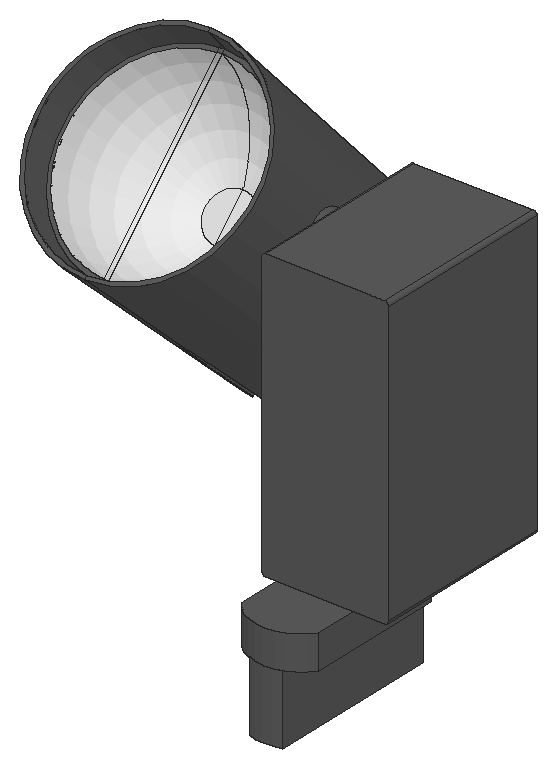
Revit family "0004837 Feilo Sylvania Lighting Fixture START TRACK SPOT S 14W 3K RA80 WB BLACK", category Lighting Fixtures, host Face, Revit 2017 (continued)
Definition of nested family "Start Track Spot Head"
  Types (96, lengths in mm): name | Wattage | built-in parameter 1150134 | Photometric Web File | Model | built-in parameter 1150105 | Lumens | built-in parameter 1150107 | built-in parameter 1150106 | HeadThickness_FEILO | HeadRibOffset_FEILO | HeadRibDepth_FEILO | HeadRibCutWidth_FEILO | HeadRibCutOffset_FEILO | HeadReflectorRadius_FEILO | HeadReflectorOffset_FEILO | HeadLEDRadius_FEILO | HeadHeight_FEILO | HeadDiffusorOffset_FEILO | HeadDiaOut_FEILO | HeadDiaIn_FEILO | HeadAxisFromTop_FEILO | Emit from Circle Diameter | built-in parameter 1150104 | Description | Apparent Load
    0004812 START TRACK SPOT S 14W 3K RA80 MB WHITE | 14 W | (empty or 0) | "0004812.ies" | "START TRACK SPOT S 14W 3K RA80 MB WHITE" | 120.32 (stored number, unit not read) | 1512 lm | 3000 (stored number, unit not read) | 1.2032 (stored number, unit not read) | 1.5 | 4.179 | 55.714 | 7.167 | 50.87 | 50.588 | 55.714 | 9.556 | 117 | 9.435 | 86 | 77.477 | 69.354 | 77.477 | 10.034 (stored number, unit not read) | "Integrated LED spotlight, Textured White - RAL9016, compact and minimalist design, ideal for retail applications, die-cast aluminium body, passive cooling heatsink. Beam angle: 36°, color temperature: 3000K , total system power: 14W, total fixture output: 1508 lm, LOR: 100%, colour rendering: Ra: 80 typical, LED Chromaticity: 3 step MacAdam ellipse, lifetime: >50000 hours at L70B50, energy class: A++, A+, A, IR/UV free light source without heat radiation, operating voltage: 220-240V / 50-60Hz, drive current: 350mA, electronic driver, non-dimmable, power factor: 0.92, electrical protection: Class II, Global Track 3 Phase adapter suitable for Global trac 3-circuit tracks, ingress protection rating: IP20, suitable for internal environment only, horizontal rotation: 355°, vertical tilt: 90°, dimensions: Ø86x140x200, weight: 0.940kg." | 14 VA
    0004811 START TRACK SPOT S 14W 3K RA80 NB WHITE | 14 W | (empty or 0) | "0004811.ies" | "START TRACK SPOT S 14W 3K RA80 NB WHITE" | 123.66 (stored number, unit not read) | 1554 lm | 3000 (stored number, unit not read) | 1.2366 (stored number, unit not read) | 1.5 | 4.179 | 55.714 | 7.167 | 50.87 | 50.588 | 55.714 | 9.556 | 117 | 9.435 | 86 | 77.477 | 69.354 | 77.477 | 10.312 (stored number, unit not read) | "Integrated LED spotlight, Textured White - RAL9016, compact and minimalist design, ideal for retail applications, die-cast aluminium body, passive cooling heatsink. Beam angle: 12°, color temperature: 3000K , total system power: 14W, total fixture output: 1551 lm, LOR: 100%, colour rendering: Ra: 80 typical, LED Chromaticity: 3 step MacAdam ellipse, lifetime: >50000 hours at L70B50, energy class: A++, A+, A, IR/UV free light source without heat radiation, operating voltage: 220-240V / 50-60Hz, drive current: 350mA, electronic driver, non-dimmable, power factor: 0.92, electrical protection: Class II, Global Track 3 Phase adapter suitable for Global trac 3-circuit tracks, ingress protection rating: IP20, suitable for internal environment only, horizontal rotation: 355°, vertical tilt: 90°, dimensions: Ø86x140x200, weight: 0.940kg." | 14 VA
  Reference planes
    plane 1 "Center (Front/Back)": y = 0
    plane 2: z = 0
    plane 3 "Center (Left/Right)": x = 0
    plane 4: x = 43
    plane 5: x = -43
    plane 6: x = -38.739
    plane 7: x = 38.739
    plane 8: z = 69.354
    plane 9: z = -47.646
    plane 10: x = -41.5
    plane 11: x = -37.239
    plane 12: z = -38.211
    plane 13: z = -35.211
    plane 14: z = 8.068
    plane 15: x = -9.556
    plane 16: x = -28.667
    plane 17: x = -19.111
    plane 18: x = -27.167
    plane 19: x = -17.611
    plane 20: x = -8.056
    plane 21: z = 13.64
    plane 22: x = -29.667
    plane 23: x = -26.167
    plane 24: x = -20.111
    plane 25: x = -16.611
    plane 26: x = -10.556
    plane 27: x = -7.056
    plane 28: x = -36.239
    plane 29: x = -40.5
    plane 30: z = 65.175
    plane 31: z = 60.997
    plane 32: z = 56.818
    plane 33: z = 18.484
    plane 34: y = -43
    plane 35: y = 43
    plane 36: y = 3.583
    plane 37: y = -3.583
    plane 38: y = -2.583
    plane 39: y = 2.583
    plane 40: y = 46
    plane 41: z = 13.5
    plane 42: z = -13.5
    plane 43: y = 39
    plane 44: x = 4.708
    plane 45: x = -2.458
    plane 46: x = -1.458
    plane 47: x = 1.458
  Forms (mm)
    Extrusion 1, solid
      sketch origin (4.2, 0, 0) x (1, 0, 0) y (0, 1, 0)
        loop
          line (-1219.2, 1219.2) -> (-1219.2, -1219.2) -> (1219.2, -1219.2) -> (1219.2, 1219.2) -> (-1219.2, 1219.2)
      from 0 to -68.017
    Revolve 2, solid, material <- "Material_1_FEILO", detail levels medium+fine
      sketch origin (0, 0, 0) x (1, 0, 0) y (0, 0, 1)
        loop
          line (-43, -47.646) -> (-41.5, -47.646) -> (-40.5, -35.211) -> (-38.739, -35.211)
          arc (-38.739, -35.211) -> (-30.16, -9.517) -> (-9.556, 8.068) r 50.588
          line (-9.556, 8.068) -> (0, 8.068) -> (0, 13.64) -> (-16.611, 13.64) -> (-17.611, 60.997) -> (-19.111, 60.997) -> (-20.111, 13.64) -> (-36.239, 13.64) -> (-37.239, 69.354) -> (-38.739, 69.354) -> (-43, -47.646)
        axis (0, 69.354) -> (0, -47.646)
      angle from 360 to 0
    Extrusion 3, void
      sketch origin (0, 0, 0) x (0, 1, 0) y (0, 0, 1)
        loop
          line (-3.583, 69.354) -> (-2.583, 18.484) -> (1.932, 18.484) -> (2.932, 69.354) -> (-3.583, 69.354)
      from 43 to -43
    Revolve 4, solid, material <- "Material_2_FEILO", detail levels medium+fine
      sketch origin (0, 0, 0) x (1, 0, 0) y (0, 0, 1)
        loop
          line (-41.5, -38.211) -> (0, -38.211) -> (0, -35.211) -> (-41.5, -35.211) -> (-41.5, -38.211)
        axis (0, -35.211) -> (0, -38.211)
      angle from 360 to 0
    Revolve 5, solid, material <- "Material_1_FEILO"
      sketch origin (0, 0, 0) x (0, 1, 0) y (0, 0, 1)
        loop
          line (46, 0) -> (39, 0) -> (39, -13.5) -> (46, -13.5) -> (46, 0)
        axis (39, 0) -> (46, 0)
      angle from 360 to 0
    Revolve 6, solid, material <- "Material_1_FEILO", detail levels medium+fine
      sketch origin (0, 0, 0) x (1, 0, 0) y (0, 0, 1)
        loop
          line (-29.667, 13.64) -> (-26.167, 13.64) -> (-27.167, 65.175) -> (-28.667, 65.175) -> (-29.667, 13.64)
        loop
          line (-10.556, 13.64) -> (-7.056, 13.64) -> (-7.833, 56.818) -> (-9.778, 56.818) -> (-10.556, 13.64)
        axis (0, 65.175) -> (0, 13.64)
      angle from 360 to 0
    Extrusion 7, void
      sketch origin (0, 0, 0) x (1, 0, 0) y (0, 0, 1)
        loop
          line (4.708, 69.354) -> (-2.458, 69.354) -> (-1.458, 13.64) -> (1.458, 13.64) -> (4.708, 69.354)
      from -43 to 43
    Revolve 8, solid, material <- "Material_1_FEILO", detail levels coarse
      sketch origin (0, 0, 0) x (1, 0, 0) y (0, 0, 1)
        loop
          line (0, 69.354) -> (-38.739, 69.354) -> (-43, -47.646) -> (-41.5, -47.646) -> (-40.731, -38.211) -> (0, -38.211) -> (0, 69.354)
        axis (0, 69.354) -> (0, -47.646)
      angle from 360 to 0
  Cuts and joins
    Extrusion 3 cuts Revolve 2
    Extrusion 7 cuts Revolve 6
  Dimensions and locks
    equal spacing: plane 7, plane 3 "Center (Left/Right)", plane 6
    equal spacing: plane 4, plane 3 "Center (Left/Right)", plane 5
    "HeadDiaOut_FEILO": plane 4 to plane 5
    "HeadDiaIn_FEILO": plane 7 to plane 6
    "HeadHeight_FEILO": plane 8 to plane 9
    "HeadThickness_FEILO": plane 10 to plane 5
    "HeadThickness_FEILO": plane 11 to plane 6
    "HeadDiffusorOffset_FEILO": plane 12 to plane 9
    "HeadDiffusorThickness_FEILO": plane 13 to plane 12
    "HeadReflectorOffset_FEILO": plane 14 to plane 9
    "HeadLEDRadius_FEILO": plane 3 "Center (Left/Right)" to plane 15
    "HeadLEDRadius_FEILO": plane 15 to plane 17
    "HeadLEDRadius_FEILO": plane 17 to plane 16
    "HeadThickness_FEILO": plane 18 to plane 16
    "HeadThickness_FEILO": plane 19 to plane 17
    "HeadThickness_FEILO": plane 20 to plane 15
    "HeadRibDepth_FEILO": plane 8 to plane 21
    "HeadDraft_FEILO": plane 16 to plane 22
    "HeadDraft_FEILO": plane 23 to plane 18
    "HeadDraft_FEILO": plane 17 to plane 24
    "HeadDraft_FEILO": plane 25 to plane 19
    "HeadDraft_FEILO": plane 15 to plane 26
    "HeadDraft_FEILO": plane 27 to plane 20
    "HeadDraft_FEILO": plane 29 to plane 10
    "HeadDraft_FEILO": plane 28 to plane 11
    "HeadRibOffset_FEILO": plane 8 to plane 30
    "HeadRibOffset_FEILO": plane 30 to plane 31
    "HeadRibOffset_FEILO": plane 31 to plane 32
    "HeadAxisFromTop_FEILO": plane 8 to plane 2
    "HeadRibCutOffset_FEILO": plane 8 to plane 33
    equal spacing: plane 34, plane 1 "Center (Front/Back)", plane 35
    "HeadDiaOut_FEILO": plane 34 to plane 35
    equal spacing: plane 38, plane 1 "Center (Front/Back)", plane 39
    equal spacing: plane 37, plane 1 "Center (Front/Back)", plane 36
    "HeadRibCutWidth_FEILO": plane 37 to plane 36
    "HeadDraft_FEILO": plane 37 to plane 38
    locked: plane 35 to plane 40 at 3
    equal spacing: plane 41, plane 2, plane 42
    locked: plane 42 to plane 41 at 27
    locked: plane 43 to plane 35 at 4
    equal spacing: plane 45, imposter light, plane 44
    "HeadDraft_FEILO": plane 46 to plane 45
    "HeadRibCutWidth_FEILO": plane 44 to plane 45
    equal spacing: plane 47, plane 3 "Center (Left/Right)", plane 46
    "HeadReflectorRadius_FEILO": radius of Revolve 2 sketch curve
    aligned and locked: plane 2 to Extrusion 1
    aligned and locked: level to Extrusion 1
    aligned and locked: Revolve 2 sketch curve to plane 3 "Center (Left/Right)"  (x2)
    aligned and locked: plane 9 to Revolve 2 sketch curve  (x2)
    aligned and locked: plane 5 to Revolve 2 sketch curve
    aligned and locked: plane 10 to Revolve 2 sketch curve
    aligned and locked: plane 14 to Revolve 2 sketch curve
    aligned and locked: plane 8 to Revolve 2 sketch curve
    aligned and locked: Revolve 2 sketch curve to plane 13
    aligned and locked: plane 12 to Revolve 4 sketch curve
    aligned and locked: plane 3 "Center (Left/Right)" to Revolve 4 sketch curve
    aligned and locked: Revolve 4 sketch curve to plane 10
    aligned and locked: Revolve 4 sketch curve to plane 3 "Center (Left/Right)"
    aligned and locked: plane 12 to imposter light
    aligned and locked: imposter light to plane 1 "Center (Front/Back)"
    aligned and locked: Revolve 5 sketch curve to plane 2
    aligned and locked: plane 43 to Revolve 5 sketch curve
    aligned and locked: plane 42 to Revolve 5 sketch curve
    aligned and locked: Revolve 6 sketch curve to plane 3 "Center (Left/Right)"
    aligned and locked: plane 22 to Revolve 6 sketch curve
    aligned and locked: plane 30 to Revolve 6 sketch curve
    aligned and locked: plane 23 to Revolve 6 sketch curve
    aligned and locked: Revolve 6 sketch curve to plane 21  (x2)
    aligned and locked: plane 21 to Revolve 6 sketch curve
    aligned and locked: plane 17 to Revolve 2 sketch curve
    aligned and locked: plane 19 to Revolve 2 sketch curve
    aligned and locked: plane 31 to Revolve 2 sketch curve
    aligned and locked: plane 21 to Revolve 2 sketch curve
    aligned and locked: Extrusion 3 to plane 8
    aligned and locked: plane 33 to Extrusion 3
    aligned and locked: plane 8 to Extrusion 3 sketch curve
    aligned and locked: Extrusion 3 sketch curve to plane 33
    aligned and locked: Extrusion 3 to plane 5
    aligned and locked: plane 4 to Extrusion 3
    aligned and locked: plane 32 to Revolve 6 sketch curve
    aligned and locked: plane 44 to Extrusion 7 sketch curve
    aligned and locked: Extrusion 7 sketch curve to plane 8
    aligned and locked: plane 46 to Extrusion 7 sketch curve
    aligned and locked: plane 21 to Extrusion 7 sketch curve
    aligned and locked: plane 34 to Extrusion 7
    aligned and locked: Extrusion 7 to plane 35
    aligned and locked: Revolve 4 sketch curve to plane 13
    aligned and locked: Revolve 5 sketch curve to plane 40
    aligned and locked: Revolve 8 sketch curve to plane 3 "Center (Left/Right)"
    aligned and locked: Revolve 8 sketch curve to cut or joined group of Revolve 2, Extrusion 3  (x3)
    aligned and locked: plane 5 to Revolve 8 sketch curve
    aligned and locked: plane 3 "Center (Left/Right)" to Revolve 8 sketch curve
    aligned and locked: plane 12 to Revolve 8 sketch curve
  Automatic sketch dimensions
    Extrusion 1 sketch curve to Extrusion 1 sketch curve = 2438.4 mm  (x2)
    Extrusion 3 sketch curve to plane 37 = 0 mm
    Extrusion 3 sketch curve to plane 38 = 0 mm
    plane 39 to Extrusion 3 sketch curve = 0.651 mm
    Extrusion 3 sketch curve to plane 39 = 0.349 mm
    Revolve 6 sketch curve to plane 16 = 0 mm
    Revolve 6 sketch curve to plane 18 = 0 mm
    Revolve 6 sketch curve to plane 26 = 0 mm
    Revolve 6 sketch curve to plane 27 = 0 mm
    Revolve 6 sketch curve to plane 15 = 0.222 mm
    plane 9 to Revolve 6 sketch curve = 559.103 mm
    Revolve 6 sketch curve to plane 8 = 2535.555 mm
    plane 20 to Revolve 6 sketch curve = 0.222 mm
    Revolve 2 sketch curve to plane 29 = 0 mm
    Revolve 2 sketch curve to plane 6 = 0 mm  (x2)
    Revolve 2 sketch curve to plane 11 = 0 mm
    Revolve 2 sketch curve to plane 21 = 0 mm
    Revolve 2 sketch curve to plane 28 = 0 mm
    Revolve 2 sketch curve to plane 24 = 0 mm
    Revolve 2 sketch curve to plane 25 = 0 mm
    Revolve 2 sketch curve to plane 15 = 0 mm
    Revolve 2 sketch curve to Revolve 2 sketch curve = 557.155 mm
    Revolve 2 sketch curve to plane 8 = 2535.558 mm
    Extrusion 7 sketch curve to plane 45 = 0 mm
    Extrusion 7 sketch curve to plane 47 = 0 mm
    plane 9 to Revolve 4 sketch curve = 559.103 mm
    Revolve 4 sketch curve to plane 8 = 2535.555 mm
    Revolve 5 sketch curve to level = 0 mm
    plane 34 to Revolve 5 sketch curve = 1968.092 mm
    Revolve 5 sketch curve to plane 40 = 1405.763 mm
    Revolve 8 sketch curve to plane 6 = 0 mm
    Revolve 8 sketch curve to plane 29 = 0.231 mm
    plane 9 to Revolve 8 sketch curve = 559.103 mm
    Revolve 8 sketch curve to Revolve 8 sketch curve = 2535.555 mm
Definition of nested family "Start Track Spot Box"
  Parameters (values of type "Type Large White")
    URL = "http://www.feilosylvania.com"
    Type Image = (empty or 0)
    Type Comments = "n/a"
    Small_FEILO = no
    Material_3_FEILO = none
    Model = ""
    Manufacturer = "Feilo Sylvania"
    Keynote = ""
    Material_2_FEILO = none
    Description = ""
    Default Elevation = 1219.2 mm
    Cost = 0
    Material_1_FEILO = none
    BoxWidth_FEILO = 49 mm
    BoxStartAngle_FEILO [instance] = 0.00°
    BoxRadius_FEILO = 1.5 mm
    BoxHeight_FEILO = if(Small_FEILO, 112 mm, 136 mm)  # 136 mm
    BoxEndAngle_FEILO [instance] = BoxStartAngle_FEILO - 180.00°  # -180.00°
    BoxDepth_FEILO = if(Small_FEILO, 71.5 mm, 79 mm)  # 79 mm
    BoxAxisVerticalOffset_FEILO = 16 mm
    BoxAxisOffset_FEILO = BoxHeight_FEILO / 6.8  # 20 mm
    Assembly Code = ""
    Material_4_FEILO = none
  Types (4, lengths in mm): name | Small_FEILO | BoxHeight_FEILO | BoxDepth_FEILO | BoxAxisOffset_FEILO
    Type Large White | no | 136 | 79 | 20
    Type Small White | yes | 112 | 71.5 | 16.471
    Type Small Black | yes | 112 | 71.5 | 16.471
    Type Large Black | no | 136 | 79 | 20
  Reference planes
    plane 1 "Center (Front/Back)": y = 0
    plane 2: z = 0
    plane 3 "Center (Left/Right)": x = 0
    plane 4: x = 24.5
    plane 5: x = -24.5
    plane 6: y = 68
    plane 7: y = -68
    plane 8: z = 39.5
    plane 9: z = -39.5
    plane 10: y = -48
    plane 11: x = 30.5
    plane 12: x = 8.5
    plane 13: x = 21.5
    plane 14: y = 70
    plane 15: y = 72
    plane 16: x = 19.5
  Forms (mm)
    Extrusion 1, solid
      sketch origin (4.2, 0, 0) x (1, 0, 0) y (0, 1, 0)
        loop
          line (-1219.2, 1219.2) -> (-1219.2, -1219.2) -> (1219.2, -1219.2) -> (1219.2, 1219.2) -> (-1219.2, 1219.2)
      from 0 to -68.017
    Extrusion 2, solid, material <- "Material_1_FEILO"
      sketch origin (0, 0, 0) x (1, 0, 0) y (0, 1, 0)
        loop
          arc (-23, 68) -> (-24.061, 67.561) -> (-24.5, 66.5) r 1.5
          line (-24.5, 66.5) -> (-24.5, -66.5)
          arc (-24.5, -66.5) -> (-24.061, -67.561) -> (-23, -68) r 1.5
          line (-23, -68) -> (23, -68)
          arc (23, -68) -> (24.061, -67.561) -> (24.5, -66.5) r 1.5
          line (24.5, -66.5) -> (24.5, 66.5)
          arc (24.5, 66.5) -> (24.061, 67.561) -> (23, 68) r 1.5
          line (23, 68) -> (-23, 68)
      from -39.5 to 39.5
    Revolve 3, solid, not visible
      sketch origin (0, 0, 0) x (1, 0, 0) y (0, 1, 0)
        loop
          line (30.5, -48) -> (24.5, -48) -> (24.5, -68) -> (30.5, -68) -> (30.5, -48)
        axis (30.5, -48) -> (24.5, -48)
      angle from 0 <- "BoxStartAngle_FEILO" to -180 <- "BoxEndAngle_FEILO"
    Revolve 4, solid, material <- "Material_2_FEILO"
      sketch origin (0, 0, 0) x (1, 0, 0) y (0, 1, 0)
        loop
          line (8.5, 68) -> (19.5, 68) -> (19.5, 70) -> (21.5, 70) -> (21.5, 72) -> (8.5, 72) -> (8.5, 68)
        axis (8.5, 72) -> (8.5, 68)
      angle from 360 to 0
  Dimensions and locks
    equal spacing: plane 5, plane 3 "Center (Left/Right)", plane 4
    "BoxWidth_FEILO": plane 5 to plane 4
    equal spacing: plane 7, plane 1 "Center (Front/Back)", plane 6
    "BoxHeight_FEILO": plane 7 to plane 6
    equal spacing: plane 8, plane 2, plane 9
    "BoxDepth_FEILO": plane 8 to plane 9
    "BoxAxisOffset_FEILO": plane 7 to plane 10
    locked: plane 4 to plane 11 at 6
    "BoxAxisVerticalOffset_FEILO": plane 12 to plane 4
    locked: plane 12 to plane 13 at 13
    plane 6 to plane 14 to plane 15 = 2 mm locked, 2 mm locked
    locked: plane 12 to plane 16 at 11
    "BoxRadius_FEILO": radius of Extrusion 2 sketch curve  (x4)
    aligned and locked: plane 2 to Extrusion 1
    aligned and locked: level to Extrusion 1
    aligned and locked: plane 6 to Extrusion 2 sketch curve
    aligned and locked: plane 5 to Extrusion 2 sketch curve
    aligned and locked: Extrusion 2 sketch curve to plane 7
    aligned and locked: Extrusion 2 sketch curve to plane 4
    aligned and locked: Extrusion 2 to plane 8
    aligned and locked: plane 9 to Extrusion 2
    aligned and locked: Revolve 3 sketch curve to plane 10  (x2)
    aligned and locked: plane 11 to Revolve 3 sketch curve
    aligned and locked: Revolve 3 sketch curve to plane 4
    aligned and locked: plane 7 to Revolve 3 sketch curve
    aligned and locked: Revolve 4 sketch curve to plane 12
    aligned and locked: plane 6 to Revolve 4 sketch curve
    aligned and locked: plane 12 to Revolve 4 sketch curve
    aligned and locked: plane 15 to Revolve 4 sketch curve
    aligned and locked: Revolve 4 sketch curve to plane 13
    aligned and locked: Revolve 4 sketch curve to plane 14
    aligned and locked: Revolve 4 sketch curve to plane 16
    aligned and locked: Revolve 4 sketch curve to plane 6
  Automatic sketch dimensions
    Extrusion 1 sketch curve to Extrusion 1 sketch curve = 2438.4 mm  (x2)
    Revolve 3 sketch curve to plane 5 = 1499.5 mm
    plane 11 to Revolve 3 sketch curve = 1493.5 mm
    plane 15 to Revolve 4 sketch curve = 0 mm
    plane 7 to Revolve 4 sketch curve = 1456 mm
    Revolve 4 sketch curve to plane 15 = 1452 mm
